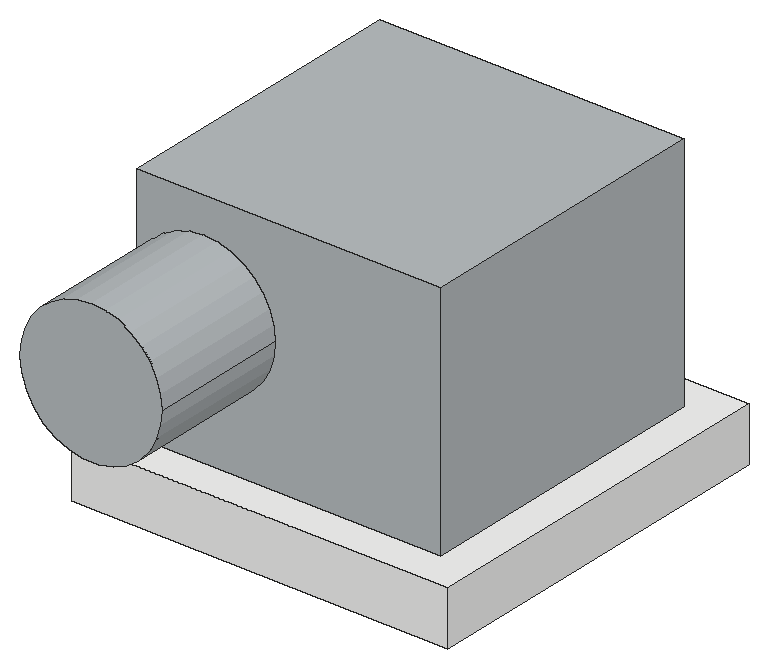
Revit family "vd-15_20zvx7-fp_50Hz", category 機械設備, Revit 2019
Family settings
  丸型コネクタ寸法 = 直径を使用
  パーツ タイプ = 標準
  OmniClass 番号 = 23.75.35.17.27
  OmniClass タイトル = Centrifugal Fans
  作業面ベース = いいえ
  常に垂直 = はい
  ロード時にボイドで切り取り = いいえ
  共有 = いいえ
  部屋計算ポイント = はい
Parameters (values of type "VD-20ZVX7-FP")
  騒音レベル(dB(A)) [instance] = 45
  風量 [instance] = 550.0 m³/h
  電源種別 [instance] = ""
  電圧 = 100 V
  電動機出力 = 0 W
  電動機_種別 [instance] = ""
  運転質量 = 0.00 kg
  連動 [instance] = ""
  質量 = if(製品質量 > 運転質量, 製品質量, 運転質量) * 1.2  # 6.36 kg
  負荷分類 = 3_ファン類
  説明 = "ダクト用換気扇 低騒音形 フラットインテリアタイプ 24時間換気機能付 定風量タイプ"
  設計風量 [instance] = 0.0 m³/h
  設置方法 = "天埋"
  記号 [instance] = ""
  製造元 = "三菱電機株式会社"
  製品質量 = 5.30 kg
  製品出荷対象 = "国内"
  製品リリース年月 = "2024年6月3日"
  製品グループ = ""
  系統 [instance] = ""
  符号 [instance] = if(☑給気／□排気, "FS", "FE")  # "FE"
  積算_科目 = "2 換気設備"
  積算_拾い区分 [instance] = ""
  相 = 1
  盤記号 [instance] = ""
  発停方法 [instance] = ""
  特殊仕様 [instance] = ""
  火災停止 [instance] = ""
  消費電力 = 40 W
  法定耐用年数 = "15"
  機外静圧 [instance] = 0.0 Pa
  極数 = 2
  材質 [instance] = ""
  操作・制御方式 = ""
  操作・制御スイッチ = ""
  排気量 [instance] = if(☑給気／□排気, 0.0 m³/h, 設計風量)  # 0.0 m³/h
  形式 = "天井埋込ダクト形"
  幹線記号 [instance] = ""
  対象室 [instance] = ""
  実風量 [instance] = 0.0 m³/h
  始動方式 [instance] = "直入"
  外気量 [instance] = if(☑給気／□排気, 設計風量, 0.0 m³/h)  # 0.0 m³/h
  呼称 = "天井扇"
  周波数 = 50 Hz
  参照している仕様書等のバージョン = ""
  分類コード = "50052503100030"
  分類グループ = ""
  価格 = 72400
  企業コード = "108420"
  付属品_防振装置 = ""
  付属品 [instance] = ""
  仕様書バージョン = "Version1.0"
  モデル = "VD-20ZVX7-FP"
  マテリアル = 鋼板
  ファンの種類 = ""
  ダクト径 = 150 mm
  コメント [instance] = ""
  Keynote = ""
  カバーマテリアル = 合成樹脂(白)
  ☑給気／□排気 [instance] = no
  Width = 307 mm
  W1 = 380 mm
  Version = ""
  Uniclass2015Version = "Systems v1.9"
  Uniclass2015Title = "Centrifugal fans"
  Uniclass2015Code = "Pr_65_67_29_12"
  URL = "https://www.mitsubishielectric.co.jp/ldg/wink/qr/002/333531/"
  SpecificationReference = ""
  SpecificationDescription = ""
  Revision = ""
  ProductInformation = ""
  OmniClassCode = "23-33 31 19 11 15"
  MIN風量 = 230.0 m³/h
  MIN静圧 = 80.0 Pa
  MID風量 = 340.0 m³/h
  MID静圧 = 85.0 Pa
  MAX風量 = 550.0 m³/h
  MAX静圧 = 0.0 Pa
  IfcTypeProduct = ""
  IfcProduct = ""
  IfcExportType = "PROPELLORAXIAL"
  IfcExportAs = "IfcFanType"
  Height = 243 mm
  H1 = 55 mm
  EAサイズ_D = 144 mm
  Duct_Height = 135 mm
  Duct_Depth = 142 mm
  Duct_Center = 86 mm
  Depth = 307 mm
  D1 = 380 mm
  Author = "三菱電機株式会社"
Types (3, lengths in mm): name | 騒音レベル(dB(A)) | 風量 | 質量 | 製品質量 | 消費電力 | 価格 | モデル | ダクト径 | Width | W1 | URL | MIN風量 | MIN静圧 | MID風量 | MID静圧 | MAX風量 | Height | H1 | EAサイズ_D | Duct_Height | Duct_Depth | Duct_Center | Depth | D1
  VD-15ZVX7-FP | 41.5 | 280.0 m³/h | 4.20 kg | 3.50 kg | 21 W | 51600 | "VD-15ZVX7-FP" | 100 | 251 | 330 | "https://www.mitsubishielectric.co.jp/ldg/wink/qr/002/333633/" | 85.0 m³/h | 110.0 Pa | 160.0 m³/h | 135.0 Pa | 280.0 m³/h | 204 | 46 | 98 | 111 | 114 | 0 | 251 | 330
  VD-18ZVX7-FP | 40.5 | 430.0 m³/h | 5.52 kg | 4.60 kg | 24 W | 61200 | "VD-18ZVX7-FP" | 150 | 270 | 330 | "https://www.mitsubishielectric.co.jp/ldg/wink/qr/002/333663/" | 180.0 m³/h | 60.0 Pa | 300.0 m³/h | 70.0 Pa | 430.0 m³/h | 243 | 46 | 144 | 135 | 142 | 67 | 270 | 330
  VD-20ZVX7-FP | 45 | 550.0 m³/h | 6.36 kg | 5.30 kg | 40 W | 72400 | "VD-20ZVX7-FP" | 150 | 307 | 380 | "https://www.mitsubishielectric.co.jp/ldg/wink/qr/002/333531/" | 230.0 m³/h | 80.0 Pa | 340.0 m³/h | 85.0 Pa | 550.0 m³/h | 243 | 55 | 144 | 135 | 142 | 86 | 307 | 380
Reference planes
  plane 1 "中心(正面/背面)": y = 0
  plane 2: z = 0
  plane 3 "中心(左/右)": x = 0
  plane 4: x = -190
  plane 5: x = 190
  plane 6: y = 190
  plane 7: y = -190
  plane 8: x = -153.5
  plane 9: x = 153.5
  plane 10: y = 153.5
  plane 11: y = -153.5
  plane 12: y = -295.5
  plane 13: z = 243
  plane 14: z = -55
  plane 15: z = 135
  plane 16: x = -86
Forms (mm)
  Extrusion 1, solid, material "鋼板" <- "マテリアル", detail levels fine
    sketch origin (0, 0, 0) x (1, 0, 0) y (0, 1, 0)
      loop
        line (-153.5, 153.5) -> (-153.5, -153.5) -> (153.5, -153.5) -> (153.5, 153.5) -> (-153.5, 153.5)
    from 0 to 243
  Extrusion 2, solid, material "合成樹脂(白)" <- "カバーマテリアル", detail levels fine
    sketch origin (0, 0, 0) x (1, 0, 0) y (0, 1, 0)
      loop
        line (-190, 190) -> (-190, -190) -> (190, -190) -> (190, 190) -> (-190, 190)
    from 0 to -55
  Extrusion 3, solid, material "鋼板" <- "マテリアル", detail levels fine
    sketch origin (0, 0, 0) x (1, 0, 0) y (0, 0, 1)
      loop
        circle (-86, 135) r 72
    from 153.5 to 295.5
Dimensions and locks
  equal spacing: plane 4, plane 3 "中心(左/右)", plane 5
  "W1": plane 4 to plane 5
  equal spacing: plane 6, plane 1 "中心(正面/背面)", plane 7
  "D1": plane 6 to plane 7
  equal spacing: plane 8, plane 3 "中心(左/右)", plane 9
  "Width": plane 8 to plane 9
  equal spacing: plane 10, plane 1 "中心(正面/背面)", plane 11
  "Depth": plane 10 to plane 11
  "Duct_Depth": plane 11 to plane 12
  "Height": plane 13 to plane 2
  "Duct_Height": plane 15 to plane 2
  "H1": plane 2 to plane 14
  "Duct_Center": plane 3 "中心(左/右)" to plane 16
  "EAサイズ_D": diameter of Extrusion 3 sketch curve
  aligned and locked: level to plane 2
  aligned and locked: plane 5 to Extrusion 2
  aligned and locked: plane 6 to Extrusion 2
  aligned and locked: Extrusion 2 to plane 4
  aligned and locked: Extrusion 2 to plane 7
  aligned and locked: plane 9 to Extrusion 1
  aligned and locked: Extrusion 1 to plane 11
  aligned and locked: Extrusion 1 to plane 8
  aligned and locked: plane 10 to Extrusion 1
  aligned and locked: plane 13 to Extrusion 1
  aligned and locked: Extrusion 2 to plane 14
  aligned and locked: level to Extrusion 2
  aligned and locked: Extrusion 1 to level
  aligned and locked: Extrusion 3 to plane 12
  aligned and locked: plane 11 to Extrusion 3
Automatic sketch dimensions
  Extrusion 1 sketch curve to plane 3 "中心(左/右)" = 153.5 mm
  plane 3 "中心(左/右)" to Extrusion 1 sketch curve = 153.5 mm
  Extrusion 2 sketch curve to plane 3 "中心(左/右)" = 190 mm
  plane 3 "中心(左/右)" to Extrusion 2 sketch curve = 190 mm
  plane 1 "中心(正面/背面)" to Extrusion 1 sketch curve = 153.5 mm
  Extrusion 1 sketch curve to plane 1 "中心(正面/背面)" = 153.5 mm
  plane 1 "中心(正面/背面)" to Extrusion 2 sketch curve = 190 mm
  Extrusion 2 sketch curve to plane 1 "中心(正面/背面)" = 190 mm
  Extrusion 3 sketch curve to plane 15 = 0 mm
  Extrusion 3 sketch curve to plane 16 = 0 mm
Nested families
  nested 1: "記号_天井換気扇_平面" at (0, 0, 0), type "記号_天井換気扇_平面", detail levels coarse+medium
Connectors
  hvac at (-86, -295.5, 135), driven by "ダクト径", driven by "風量", driven by "機外静圧"
    settings: on Extrusion 3, index 1, duct flow 550.0 m³/h, flow factor 0, pres drop 0.0 Pa, loss coef 0, conn angle 0.00°, conn width 304.8 mm, conn height 304.8 mm, conn diameter 150 mm, duct sys type 3, conn prof type 0, flow config 0, flow direction 2, loss method 4, conn ref index -1, conn util no, is conn primary yes, conn desc ""
  electrical at (0, 0, 243), driven by "極数", driven by "負荷分類", driven by "電圧", driven by "消費電力"
    settings: on Extrusion 1, index 2, voltage 100 V, apparent load 40 VA, apparent load phase1 0 VA, apparent load phase2 0 VA, apparent load phase3 0 VA, power factor 1, load classification "3_ファン類", number of poles 2, system type 30, power factor state 1, is connector primary yes, connector utility no, sub classification motor no, connector description ""
Definition of nested family "記号_天井換気扇_平面"
  Reference planes
    plane 1: y = 0
    plane 2: x = 0
  Lines and regions (mm)
    detail lines
      curve 1: line (-2.5, 2.5, 0) -> (2.5, 2.5, 0)
      curve 2: line (-2.5, -2.5, 0) -> (-2.5, 2.5, 0)
      curve 3: line (2.5, -2.5, 0) -> (-2.5, -2.5, 0)
      curve 4: line (2.5, 2.5, 0) -> (2.5, -2.5, 0)
      curve 5: circle (-1.04, -1.04, 0) r 1.46 normal (0, 0, 1)
      curve 6: circle (1.04, 1.04, 0) r 1.46 normal (0, 0, 1)
      curve 7: line (-3.125, 3.125, 0) -> (3.125, 3.125, 0)
      curve 8: line (-3.125, -3.125, 0) -> (-3.125, 3.125, 0)
      curve 9: line (3.125, -3.125, 0) -> (-3.125, -3.125, 0)
      curve 10: line (3.125, 3.125, 0) -> (3.125, -3.125, 0)
      curve 11: circle (1.295, 1.295, 0) r 1.83 normal (0, 0, 1)
      curve 12: circle (-1.295, -1.295, 0) r 1.83 normal (0, 0, 1)
      curve 13: line (-2, 2, 0) -> (2, 2, 0)
      curve 14: line (-2, -2, 0) -> (-2, 2, 0)
      curve 15: line (2, -2, 0) -> (-2, -2, 0)
      curve 16: line (2, 2, 0) -> (2, -2, 0)
      curve 17: circle (0.84, 0.84, 0) r 1.16 normal (0, 0, 1)
      curve 18: circle (-0.84, -0.84, 0) r 1.2 normal (0, 0, 1)
